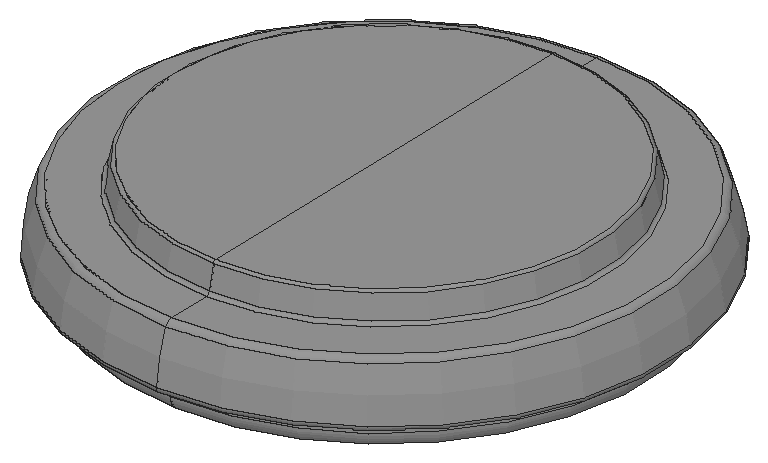
Revit family "FMK11_63_UN_Surface-mounted_ETK", category Lighting Fixtures, Revit 2017 (continued)
Definition of nested family "FMK.1 - Lightsource"
  Types (13, lengths in mm): name | Wattage Comments | Photometric Web File | built-in parameter 1150142 | Apparent Load
      .8598\t146.5115\r\n118.8706\t92.3383\t68.1276\t9.3171\t0\t0\r\n874.5378\t873.9175\t872.3779\t868.9503\t865.1676\t859.9765\t853.6949\t846.5768\t838.0287\t828.8368\r\n818.3167\t806.7896\t794.3636\t780.7231\t765.982\t750.1804\t733.3105\t715.6055\t696.7401\t676.9547\r\n656.4176\t635.157\t613.278\t590.1539\t565.7998\t540.6402\t515.0804\t488.9203\t462.524\t435.1971\r\n407.7246\t379.8676\t352.0546\t322.1473\t291.9089\t261.8783\t232.5325\t203.3486\t174.3388\t147.0682\r\n118.7382\t92.1099\t67.0483\t43.2383\t0\t0\r\n874.5378\t873.9334\t872.4246\t869.3452\t865.2787\t860.0667\t853.7655\t846.6117\t837.9682\t828.5454\r\n818.0558\t806.6887\t794.307\t780.6901\t766.011\t750.3709\t733.4538\t715.8664\t697.1883\t677.4884\r\n656.9203\t635.4375\t613.0895\t590.1056\t566.1701\t541.8378\t516.5027\t490.0542\t462.9828\t435.4052\r\n407.3938\t379.067\t350.3\t321.3812\t292.9522\t263.2956\t232.6391\t202.9178\t174.1166\t145.6013\r\n118.7796\t91.9591\t66.4248\t41.4073\t0\t0\r\n874.5378\t873.947\t872.4625\t869.4116\t865.7616\t860.1917\t853.8846\t846.7134\t837.9955\t828.5499\r\n818.0451\t806.3864\t793.9462\t780.3077\t765.8461\t750.2699\t733.3784\t715.848\t697.1776\t677.5906\r\n657.1561\t635.9826\t613.7896\t590.8444\t566.87\t541.8944\t516.582\t490.5636\t463.7077\t436.7692\r\n408.5758\t379.6875\t350.3553\t320.8016\t291.246\t261.9299\t232.7344\t204.2087\t174.0866\t145.2427\r\n117.7635\t91.6516\t66.4814\t37.4981\t2.8322\t0\r\n874.5378\t873.9582\t872.4918\t869.4632\t865.8595\t860.6426\t854.3434\t847.2064\t838.113\t828.667\r\n818.1733\t806.4333\t793.9155\t780.1986\t765.4431\t749.8349\t732.9491\t715.3369\t696.6975\t677.3617\r\n657.0165\t635.8628\t613.7809\t590.9523\t567.1063\t542.5203\t517.2499\t491.4046\t464.4931\t438.1441\r\n409.014\t380.2252\t351.1283\t321.6166\t291.954\t262.141\t232.0286\t202.521\t173.5147\t145.5857\r\n118.0182\t90.8146\t66.089\t32.9056\t16.0788\t0\r\n874.5378\t873.9669\t872.5119\t869.4994\t865.9235\t860.7336\t854.4679\t847.3617\t838.5356\t829.1396\r\n818.7172\t806.902\t794.3321\t780.5775\t765.5202\t749.8838\t732.9816\t715.2293\t696.5489\t676.9911\r\n656.6095\t635.341\t613.1825\t590.2794\t566.5205\t541.9259\t516.7035\t490.7729\t464.0737\t437.996\r\n409.0361\t380.6701\t351.7751\t322.3888\t292.6678\t262.9546\t233.1098\t203.3714\t173.7676\t145.0215\r\n117.0128\t90.2901\t66.2525\t31.2802\t14.1792\t0\r\n874.5378\t873.9731\t872.5233\t869.5205\t865.9533\t860.7822\t854.5331\t847.4242\t838.6217\t829.2416\r\n818.8479\t807.0426\t794.4546\t780.699\t765.8783\t750.262\t733.3881\t715.5519\t696.8817\t677.3517\r\n656.9619\t635.6228\t613.3851\t590.3905\t566.6775\t541.9891\t516.7234\t490.4951\t463.8178\t436.6018\r\n408.4872\t380.0905\t351.1162\t321.7058\t292.0773\t262.2947\t232.3966\t202.7422\t173.4346\t144.7683\r\n116.9489\t90.1691\t64.9544\t29.757\t11.9206\t8.2894\r\n874.5378\t873.977\t872.5255\t869.5264\t865.9488\t860.7879\t854.5388\t847.3937\t838.6274\t829.223\r\n818.8013\t807.0163\t794.3839\t780.5902\t765.508\t749.8853\t733.0798\t715.2814\t696.6305\t677.1538\r\n656.761\t635.4449\t613.1832\t590.2663\t566.5483\t541.9108\t516.8387\t490.8237\t464.1305\t437.9308\r\n408.9803\t380.5756\t351.6883\t322.2961\t292.7174\t262.9199\t233.06\t203.4103\t173.844\t145.1896\r\n117.1148\t90.3675\t63.427\t27.5124\t15.1312\t0\r\n874.5378\t873.9788\t872.5186\t869.5173\t865.9096\t860.7512\t854.4852\t847.2699\t838.2953\t828.8334\r\n818.342\t806.6627\t794.0228\t780.2256\t765.4141\t749.834\t733.1421\t715.4416\t696.8614\t677.6637\r\n657.3156\t636.06\t613.7774\t590.9371\t567.1891\t542.5667\t517.5589\t491.5417\t464.691\t438.243\r\n409.1526\t380.4136\t351.45\t321.9325\t292.4493\t262.4028\t232.2522\t202.7398\t173.6808\t145.7325\r\n117.9952\t90.7372\t60.352\t33.173\t18.9772\t0\r\n874.5378\t873.9778\t872.5029\t869.493\t865.8362\t860.3544\t854.0989\t846.8077\t838.2698\t828.7984\r\n818.2948\t806.7331\t794.1119\t780.3538\t765.7531\t750.2325\t733.6532\t716.0075\t697.4288\t678.0446\r\n657.6409\t636.3501\t614.022\t591.0646\t567.2182\t542.4063\t517.1673\t490.9688\t464.287\t437.3011\r\n409.0735\t380.035\t350.9205\t321.3021\t291.8372\t262.2846\t233.149\t204.4428\t174.3018\t145.4885\r\n117.9225\t91.6685\t62.5208\t38.0593\t3.4579\t0\r\n874.5378\t873.9746\t872.4784\t869.4538\t865.3784\t860.283\t854.0495\t846.7367\t838.3337\t828.8753\r\n818.3851\t807.1567\t794.5213\t780.7588\t765.9708\t750.4386\t733.8756\t716.1789\t697.5868\t678.1163\r\n657.6119\t636.0367\t613.6703\t590.8022\t567.1021\t542.7619\t517.4401\t490.9663\t463.8758\t436.1167\r\n408.1205\t379.6463\t350.9842\t322.1351\t293.6293\t263.9005\t233.2108\t203.3702\t174.5585\t145.8369\r\n118.8652\t92.1883\t65.722\t42.1865\t0\t0\r\n874.5378\t873.9689\t872.4452\t869.0867\t865.2894\t860.246\t854.0465\t846.7328\t838.4838\t829.2421\r\n818.7199\t807.3816\t794.7066\t780.9222\t766.1144\t750.5594\t733.9659\t716.1432\t697.3688\t677.8244\r\n657.4026\t636.1448\t614.1432\t591.3027\t567.203\t541.7706\t516.3149\t490.0711\t463.6067\t435.926\r\n408.698\t380.8243\t353.0382\t323.0686\t292.7035\t262.6791\t233.3633\t204.0566\t174.7775\t147.3393\r\n119.0712\t92.6315\t67.9046\t45.161\t0\t0\r\n874.5378\t873.9609\t872.4035\t869.0374\t865.2229\t860.2418\t854.0877\t846.7962\t838.8793\t829.4067\r\n818.86\t807.5966\t794.8216\t781.0076\t766.1962\t750.5157\t733.7524\t716.0085\t697.4963\t678.4958\r\n658.0306\t636.3673\t613.1939\t590.1919\t566.1255\t541.3753\t516.2963\t490.5016\t464.4197\t437.3564\r\n410.7641\t381.423\t351.8654\t322.1766\t292.7352\t263.6748\t233.527\t204.2327\t176.2551\t147.0742\r\n119.5606\t93.0248\t68.7803\t9.4833\t0\t0\r\n874.5378\t873.9508\t872.3536\t869.0007\t865.1788\t860.2693\t854.17\t847.0633\t839.0296\t829.5072\r\n819.0503\t807.6609\t794.8623\t781.0041\t766.0112\t750.3218\t733.9679\t716.7867\t698.0525\t678.2815\r\n656.9416\t635.1521\t612.7048\t589.8901\t566.1084\t541.9494\t517.1613\t491.8934\t466.5909\t438.3611\r\n408.9694\t380.5592\t351.8135\t322.867\t293.723\t263.2964\t234.1013\t205.7651\t175.7913\t147.3807\r\n119.7111\t93.5454\t69.2399\t0\t0\t0\r\n874.5378\t873.9384\t871.9377\t868.9761\t865.1574\t860.3264\t854.45\t847.1859\t839.1219\t829.5813\r\n819.1242\t807.6341\t794.8336\t780.823\t766.1784\t750.9876\t734.6983\t716.6325\t696.9068\t677.0601\r\n656.2095\t634.8579\t612.7634\t590.1681\t566.96\t543.2316\t519.2458\t493.1656\t465.1597\t437.4802\r\n408.9133\t380.9682\t353.0332\t323.2628\t293.2823\t264.0848\t235.5313\t205.1134\t176.0698\t147.6612\r\n120.0997\t94.1336\t77.219\t0\t0\t0\r\n874.5378\t873.9237\t871.8891\t868.9635\t865.1599\t860.5875\t854.4203\t847.2729\t839.1707\t829.6225\r\n819.1467\t807.3422\t794.6719\t781.012\t766.9824\t751.1102\t734.2536\t715.3478\t696.2657\t676.671\r\n656.1078\t635.1426\t613.363\t591.0529\t568.5727\t544.9954\t518.3669\t491.6416\t464.5635\t437.4231\r\n409.8609\t382.2833\t352.4484\t323.0813\t294.0333\t265.5351\t234.859\t205.2741\t176.4733\t147.8147\r\n120.592\t94.7697\t20.3975\t0\t0\t0\r\n874.5378\t873.9069\t871.8462\t868.9622\t865.1867\t860.6619\t854.4798\t847.35\t839.175\t829.6322\r\n818.9305\t807.3204\t794.7864\t781.7818\t766.9799\t750.1819\t733.0515\t714.8962\t696.0896\t676.7736\r\n656.574\t635.9452\t614.5512\t593.1203\t569.3971\t543.4377\t517.6236\t491.2766\t464.8901\t438.2239\r\n411.0389\t381.4639\t352.5273\t323.8568\t295.5649\t264.7117\t234.9669\t206.1128\t176.4587\t148.1728\r\n121.1475\t95.3429\t0\t0\t0\t0\r\n874.5378\t873.888\t871.8085\t868.9719\t865.4783\t860.7205\t854.5329\t847.4153\t839.1407\t829.6123\r\n818.9091\t807.4476\t795.424\t781.6948\t765.9445\t749.6137\t732.5543\t714.9076\t696.3763\t677.2287\r\n657.4158\t637.049\t616.4251\t592.3393\t567.674\t542.8985\t517.5289\t491.7208\t466.3318\t438.9898\r\n410.1102\t381.6093\t353.3457\t325.4102\t294.7368\t264.8566\t235.7419\t205.8812\t176.7434\t148.6762\r\n121.7392\t104.3859\t0\t0\t0\t0\r\n874.5378\t873.8669\t871.7765\t869.0411\t865.5428\t860.7626\t854.5825\t847.4711\t839.0748\t829.4742\r\n819.0148\t808.1995\t795.2966\t780.7201\t765.3025\t749.2742\t732.4482\t715.0991\t696.7823\t677.9705\r\n658.6816\t638.5692\t615.2935\t591.3649\t567.178\t542.7068\t517.9269\t493.2946\t466.0359\t438.1726\r\n410.1754\t382.4172\t354.9371\t324.6283\t294.656\t265.2881\t235.787\t205.9863\t177.0189\t149.1951\r\n122.3416\t65.0541\t0\t0\t0\t0\r\n874.5378\t873.8441\t871.7498\t869.0629\t865.6026\t860.7879\t854.6313\t847.5145\t838.7697\t829.5526\r\n819.6703\t808.2392\t794.431\t780.2241\t764.9396\t749.1763\t732.7001\t715.477\t697.6049\t679.204\r\n660.1767\t637.3488\t614.455\t591.0839\t567.3099\t543.1508\t519.5047\t493.0934\t465.5744\t438.1404\r\n410.9263\t384.0134\t354.2434\t324.4076\t295.0481\t266.1412\t235.5757\t206.027\t177.4976\t149.7206\r\n122.8394\t0\t0\t0\t0\t0\r\n874.5378\t873.8193\t871.7287\t869.09\t865.6566\t860.7971\t854.6804\t847.5832\t838.7769\t829.7038\r\n819.7571\t807.957\t793.9167\t779.8365\t764.831\t749.3258\t733.1674\t716.2153\t698.8605\t680.664\r\n658.8685\t636.6472\t614.1125\t591.1727\t567.7811\t544.6978\t518.9383\t492.3961\t465.9146\t438.7951\r\n412.3972\t383.5506\t353.8593\t324.6233\t296.0825\t265.6276\t235.629\t206.3045\t177.849\t150.1762\r\n134.3964\t0\t0\t0\t0\t0\r\n874.5378\t873.4672\t871.7274\t869.2956\t865.7035\t860.7936\t854.7883\t847.3825\t838.8774\t830.3563\r\n819.5862\t806.9481\t793.5541\t779.5287\t764.9091\t749.6363\t733.7737\t717.3249\t700.2917\t679.4111\r\n658.0777\t636.4054\t614.2434\t591.7218\t569.4281\t544.9718\t518.4085\t492.3286\t466.2105\t440.33\r\n412.7811\t382.9961\t353.9558\t325.1714\t295.8615\t265.4456\t235.6806\t206.6048\t178.3224\t150.6523\r\n102.5785\t0\t0\t0\t0\t0\r\n874.5378\t873.4401\t871.7173\t869.3238\t865.7422\t860.6902\t854.8057\t847.3843\t839.0644\t830.3913\r\n819.2263\t806.4739\t793.3232\t779.4771\t765.204\t750.1048\t734.6134\t719.0413\t699.1946\t678.7572\r\n657.7786\t636.4548\t614.6839\t592.7981\t569.8036\t543.9429\t518.4299\t492.6408\t467.1164\t441.3222\r\n412.1629\t382.9242\t354.363\t326.1609\t295.3978\t265.2908\t235.8091\t206.9694\t178.714\t151.0816\r\n16.4563\t0\t0\t0\t0\t0\r\n874.5378\t873.4138\t871.7116\t869.3449\t865.7715\t860.6743\t854.8\t847.4247\t839.8289\t830.2631\r\n818.3839\t806.0908\t793.2106\t779.6495\t765.608\t750.8133\t736.2676\t719.0038\t698.588\t678.3132\r\n657.7516\t636.7851\t615.5568\t593.9746\t569.0263\t543.7566\t518.5811\t493.5773\t468.5791\t440.235\r\n411.6646\t383.3361\t355.0529\t325.4861\t295.2001\t265.2978\t235.9889\t207.2653\t179.1299\t167.2016\r\n0\t0\t0\t0\t0\t0\r\n874.5378\t873.388\t871.7103\t869.359\t865.767\t860.6714\t854.5941\t847.4902\t839.9802\t829.9556\r\n818.0476\t805.8549\t793.231\t779.9196\t766.068\t751.7019\t736.6128\t717.4846\t698.1579\t678.1017\r\n657.9609\t637.4431\t616.9957\t593.0905\t568.6514\t544.0453\t519.3199\t494.542\t468.1655\t439.7323\r\n411.6517\t383.6927\t355.7401\t325.0293\t294.9065\t265.33\t236.252\t207.6392\t179.5292\t147.6012\r\n0\t0\t0\t0\t0\t0\r\n874.5378\t873.3628\t871.7133\t869.367\t865.7819\t860.6818\t854.578\t847.6409\t839.976\t829.0769\r\n817.7793\t805.7366\t793.3272\t780.2618\t766.7399\t753.2234\t735.5318\t716.8703\t697.8507\t678.3095\r\n658.3671\t638.907\t616.998\t592.6721\t568.5879\t544.4314\t520.2455\t495.722\t467.4497\t439.6787\r\n411.8829\t384.7236\t354.8813\t324.6752\t294.8363\t265.4242\t236.4578\t207.9678\t179.89\t101.7886\r\n0\t0\t0\t0\t0\t0\r\n874.5378\t873.3375\t871.7202\t869.3695\t865.7893\t860.7046\t854.5941\t848.3207\t839.8153\t828.7458\r\n817.5538\t805.7674\t793.4941\t780.7405\t767.5979\t753.3675\t734.8562\t716.4755\t697.6867\t678.6478\r\n659.1287\t639.3353\t616.0295\t592.3993\t568.8247\t545.1214\t521.6963\t494.8084\t467.1388\t439.7214\r\n412.4404\t384.9496\t354.3622\t324.3689\t294.7738\t265.5882\t236.7596\t208.3304\t180.2762\t14.3458\r\n0\t0\t0\t0\t0\t0\r\n874.5378\t873.2157\t871.7309\t869.33\t865.7893\t860.7906\t854.6412\t848.3993\t839.5608\t828.5127\r\n817.4249\t805.9432\t793.8046\t781.3431\t768.8548\t752.181\t734.4669\t716.2654\t697.7852\t679.0607\r\n660.5185\t638.5479\t615.5744\t592.4752\t569.1731\t545.9695\t521.9924\t494.2744\t467.1502\t440.0085\r\n413.5179\t384.0228\t353.9409\t324.1965\t294.7825\t265.7218\t237.0205\t208.6863\t194.1384\t0\r\n0\t0\t0\t0\t0\t0\r\n874.5378\t873.1924\t871.745\t869.3283\t865.7799\t860.7988\t854.7231\t848.3936\t838.7774\t828.3145\r\n817.3768\t806.1061\t794.2351\t781.9807\t768.9503\t751.6461\t734.0825\t716.2074\t698.1391\t679.6529\r\n660.7903\t638.0973\t615.377\t592.6746\t569.8192\t547.1783\t520.8821\t494.0849\t467.2355\t440.5474\r\n413.7126\t383.4197\t353.6014\t324.0653\t294.8182\t265.8952\t237.2953\t209.0075\t169.1819\t0\r\n0\t0\t0\t0\t0\t0\r\n874.5378\t873.1708\t871.7622\t869.329\t865.7603\t860.623\t854.8597\t848.3078\t838.4811\t828.1598\r\n817.403\t806.2636\t794.7961\t783.3288\t768.6331\t751.0938\t733.9027\t716.4132\t698.489\t681.0259\r\n659.8625\t637.7241\t615.4549\t593.0025\t570.622\t547.2896\t520.3677\t493.889\t467.5628\t441.6476\r\n412.8069\t382.9351\t353.3115\t323.9564\t294.9005\t266.0943\t237.5632\t209.3026\t127.1484\t0\r\n0\t0\t0\t0\t0\t0\r\n874.5378\t873.1512\t871.7825\t869.3328\t865.7147\t860.6208\t855.0068\t848.1421\t838.2169\t828.0623\r\n817.4834\t806.5411\t795.3501\t783.7165\t767.4221\t750.7458\t733.9114\t716.5965\t699.1549\t681.2032\r\n659.4166\t637.5405\t615.5658\t593.5672\t571.8032\t546.309\t520.1304\t494.0232\t467.8999\t441.9911\r\n412.2266\t382.5708\t353.1215\t323.9378\t294.9995\t266.2751\t237.8466\t209.651\t34.2374\t0\r\n0\t0\t0\t0\t0\t0\r\n874.5378\t873.1334\t871.9802\t869.3402\t865.6805\t860.6232\t855.6352\t847.9462\t837.9798\t828.016\r\n817.6158\t806.9059\t795.8526\t783.7703\t767.0072\t750.5842\t733.8593\t717.0488\t700.3163\t681.0484\r\n659.002\t637.4867\t615.8834\t594.1586\t571.9661\t545.8396\t520.0141\t494.1559\t468.473\t441.8125\r\n411.6292\t382.2166\t352.9923\t323.9438\t295.1128\t266.5115\t238.1403\t227.6042\t1.4798\t0\r\n0\t0\t0\t0\t0\t0\r\n874.5378\t873.1175\t872.0446\t869.3521\t865.6452\t860.6314\t855.6067\t847.2278\t837.7973\t828.0021\r\n817.8095\t807.2626\t797.0688\t782.7336\t766.7002\t750.4991\t734.0522\t717.3901\t700.8602\t680.0024\r\n658.904\t637.5229\t616.2006\t595.356\t571.0708\t545.4832\t519.9965\t494.5633\t469.3931\t440.5303\r\n411.2081\t381.9594\t352.8224\t323.9242\t295.2425\t266.7272\t238.3997\t210.052\t0\t0\r\n0\t0\t0\t0\t0\t0\r\n874.5378\t873.1036\t872.0642\t869.3685\t865.6115\t860.6431\t855.5678\t847.0795\t837.6242\t828.0355\r\n818.0191\t807.6752\t797.3979\t782.2034\t766.565\t750.4455\t734.3476\t717.9317\t700.7877\t679.7333\r\n658.7889\t637.884\t616.6944\t595.6072\t570.5111\t545.3336\t520.0838\t494.9016\t469.5228\t440.0782\r\n410.7192\t381.61\t352.7334\t323.9641\t295.3415\t266.8894\t238.6194\t181.4802\t0\t0\r\n0\t0\t0\t0\t0\t0\r\n874.5378\t873.0917\t872.0791\t869.4099\t865.5746\t860.6565\t855.4951\t846.8496\t837.5359\t828.0866\r\n818.2378\t808.1526\t797.3835\t781.9041\t766.3609\t750.628\t734.5581\t719.1373\t699.913\t679.4029\r\n658.8668\t638.1377\t617.4488\t595.6214\t570.1478\t545.2099\t520.274\t495.2999\t469.1716\t439.4964\r\n410.3924\t381.4989\t352.6823\t323.9587\t295.4397\t267.0881\t238.8428\t144.1059\t0\t0\r\n0\t0\t0\t0\t0\t0\r\n874.5378\t873.0818\t872.0885\t869.4292\t865.5552\t860.6428\t855.4234\t846.5473\t837.5746\t828.1119\r\n818.5424\t808.5824\t797.2617\t781.5603\t766.3478\t750.788\t735.0502\t719.3104\t699.5968\t679.2584\r\n658.8849\t638.5206\t618.5192\t594.7653\t570.0729\t545.2426\t520.5589\t496.3596\t468.0283\t438.9424\r\n410.0281\t381.2846\t352.5975\t324.016\t295.5835\t267.2778\t264.5143\t51.7876\t0\t0\r\n0\t0\t0\t0\t0\t0\r\n874.5378\t873.0738\t872.0925\t869.4491\t865.5428\t860.685\t855.2893\t846.3211\t837.5389\t828.2139\r\n818.8308\t809.695\t796.2605\t781.3022\t766.3078\t751.0794\t735.562\t719.5135\t699.1814\t679.2489\r\n659.0774\t638.8797\t618.7821\t594.3995\t569.8075\t545.355\t520.9104\t496.4276\t467.4837\t438.6307\r\n409.8136\t381.1073\t352.4946\t324.0177\t295.6864\t267.4348\t260.3807\t21.4877\t0\t0\r\n0\t0\t0\t0\t0\t0\r\n874.5378\t873.0681\t872.0903\t869.4696\t865.3772\t860.7529\t855.1206\t846.1309\t837.4028\t828.4413\r\n819.0436\t810.0667\t795.8923\t781.1432\t766.2106\t751.2897\t736.1503\t719.481\t699.0698\t679.1974\r\n659.3571\t639.3832\t618.7602\t594.058\t569.7344\t545.4624\t521.0445\t496.0184\t466.9461\t438.2458\r\n409.5651\t381.0061\t352.5146\t324.1127\t295.8087\t267.5955\t249.1401\t0\t0\t0\r\n0\t0\t0\t0\t0\t0\r\n874.5378\t873.0644\t872.0816\t869.491\t865.3665\t861.4037\t854.8915\t845.9783\t837.3122\t828.5588\r\n819.3538\t810.128\t795.6939\t780.9813\t766.2491\t751.3988\t737.0689\t718.7025\t698.9835\t679.2725\r\n659.585\t639.9514\t618.5966\t593.9136\t569.7455\t545.5787\t522.0189\t495.0722\t466.3965\t437.7083\r\n409.2144\t380.8467\t352.4787\t324.1548\t295.9119\t267.7415\t232.4829\t0\t0\t0\r\n0\t0\t0\t0\t0\t0\r\n874.5378\t873.0627\t872.0662\t869.5619\t865.3675\t861.4813\t854.7347\t845.8179\t837.2641\t828.5514\r\n819.736\t810.1309\t795.4694\t780.9188\t766.29\t751.6191\t737.1738\t718.241\t698.9148\t679.3896\r\n659.8521\t640.7521\t617.6981\t593.8472\t569.8958\t545.9658\t522.4294\t494.5507\t465.9521\t437.4594\r\n409.0673\t380.6976\t352.3698\t324.1023\t295.9466\t267.8584\t211.8319\t0\t0\t0\r\n0\t0\t0\t0\t0\t0\r\n874.5378\t873.0632\t871.968\t869.5738\t865.3757\t861.518\t854.1968\t845.6319\t837.2051\t828.5928\r\n819.8937\t810.1359\t795.2618\t780.8873\t766.3701\t751.8618\t737.1924\t717.9124\t698.6572\t679.3697\r\n660.1058\t640.8816\t617.3338\t593.5982\t569.8688\t546.1501\t522.5484\t494.2469\t465.7775\t437.2977\r\n408.9126\t380.5875\t352.3371\t324.1558\t296.0321\t267.9481\t188.4299\t0\t0\t0\r\n0\t0\t0\t0\t0\t0\r\n874.5378\t873.0659\t871.9442\t869.5721\t865.3915\t861.4588\t854.0981\t845.5674\t837.0828\t828.6511\r\n820.0534\t809.8576\t795.1557\t780.89\t766.5678\t752.0766\t737.0148\t717.6336\t698.5808\t679.4711\r\n660.2355\t640.7368\t617.0185\t593.4382\t569.8584\t546.2934\t522.3795\t493.7472\t465.4037\t437.0908\r\n408.8144\t380.5887\t352.3837\t324.2173\t296.0989\t268.0258\t163.5022\t0\t0\t0\r\n0\t0\t0\t0\t0\t0\r\n874.5378\t873.0706\t871.9234\t869.5567\t865.4632\t861.4473\t853.9744\t845.6463\t837.0801\t828.6255\r\n820.8869\t808.8369\t794.8839\t780.8756\t766.7138\t752.497\t737.0024\t717.4146\t698.4595\t679.4575\r\n660.46\t640.7112\t616.7951\t593.3209\t569.8963\t546.4169\t522.0214\t493.2479\t465.032\t436.8232\r\n408.6251\t380.4595\t352.3175\t324.2201\t296.1581\t296.6392\t78.7455\t0\t0\t0\r\n0\t0\t0\t0\t0\t0\r\n874.5378\t873.0776\t871.9055\t869.5272\t865.4783\t861.4461\t853.782
